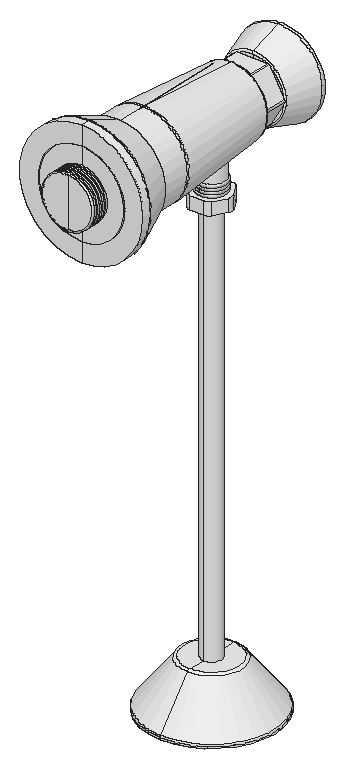
Revit family "947140001_Grif. Orinal Push Exp 3-4 Racor", category Plumbing Fixtures, host Wall, Revit 2020
Family settings
  Host = Wall
  Round Connector Dimension = Use Diameter
  Part Type = Normal
  OmniClass Number = 23.31.11.00
  OmniClass Title = Faucets
  Always vertical = Yes
  Cut with Voids When Loaded = No
  Shared = No
  Room Calculation Point = No
Parameters (values of type "Orinal Push Exp 3/4"")
  Vida útil = "150 Mil Ciclos"  # constant formula
  URL = "https://corona.co/productos/griferias/griferias-institucionales/griferia-orinal-push-tradicional/p/947140001"
  Type Comments = "-GriferÍa para orinal tipo push metálica.-Consumo de agua desde 0.5 L hasta 1.9 L. -Cierre automático temporizado entre 3 a 9 segundos."  # constant formula
  Referencia = "947140001"  # constant formula
  Recubrimientos = "-Resistente a la corrosión, pelado y decoloración por agua. -Producto para uso institucional."  # constant formula
  Rango presion de agua = "Entre 20 y 80 Psi"  # constant formula
  Presion minima = "20 Psi."  # constant formula
  Presion maxima = "80 Psi."  # constant formula
  Peso Neto aprox = "500g 1,10lb."  # constant formula
  Peso Bruto aprox = "560g 1,23lb."  # constant formula
  Normatividad = "NTC 1644"  # constant formula
  Model = "Orinal Push"  # constant formula
  Material = Corona_Cromado
  Manufacturer = "Corona"  # constant formula
  Fecha de creación = "12/04/2021"  # constant formula
  Diámetro = 65.10 mm  # constant formula
  Diametro de tuberia = "1/2 NPT."  # constant formula
  Diametro 2 = 63.00 mm  # constant formula
  Description = "Las válvulas para orinal Corona son el aliado perfecto para las necesidades de las instituciones\r\nde alto tráfico, están diseñadas para un óptimo funcionamiento y durabilidad debido a sus\r\ncaracterísticas antivandálicas."  # constant formula
  Default Elevation = 0.00 mm
  Cuidado Y Limpieza = "Los acabados superficiales son aquellos que le imprimen una apariencia especial y estética a su producto y además le brindan protección. Para prolongar sus cualidades es vital que la limpieza profunda del producto se haga únicamente con agua y jabón suave y que en el secado y el brillo se utilice un paño de algodón limpio, dicha limpieza se recomienda 2 veces a la semana, y en zonas costeras a diario por la salinidad del ambiente. Por ningún motivo deben usarse elementos abrasivos, ácidos o disolventes para la limpieza del producto. Los acabados pueden variar su comportamiento en zonas costeras y/o en ambientes corrosivos."  # constant formula
  Creado por = "BIMBAU"  # constant formula
  Capacidad de flujo máximo por norma = " 9,68 L/min - 0,49 L/Descarga."  # constant formula
  Capacidad de flujo = "6,5 - 9,68 L/min - 0,33 - 0,49 L/Descarga."  # constant formula
  Ancho = 129.00 mm  # constant formula
  Alto 2 = 272.30 mm  # constant formula
  Alto = 303.80 mm  # constant formula
Reference planes
  plane 1 "Wall": y = 0
  plane 2 "Center (Left/Right)": x = 125
  plane 3 "Back": y = 75
  plane 4: z = 1377.789
  plane 5: z = 1681.589
  plane 6: z = 1650.089
  plane 7: x = 92.45
  plane 8: x = 157.55
  plane 9: x = 93.5
  plane 10: x = 156.5
  plane 11: y = 204
Forms (mm)
  Revolve 1, solid, material "Corona_Cromado" <- "Material", detail levels medium+fine
    sketch origin (125, 0, 0) x (0, 1, 0) y (0, 0, 1)
      loop
        line (75, 1681.589) -> (75, 1672.039) -> (97.789, 1672.039) -> (97.789, 1674.539) -> (80.479, 1681.413)
        arc (80.479, 1681.413) -> (80.026, 1681.545) -> (79.556, 1681.589) r 2.5
        line (79.556, 1681.589) -> (75, 1681.589)
      axis (75, 1650.089) -> (97.789, 1650.089)
    angle from 0 to 360
  Revolve 2, solid, material "Corona_Cromado" <- "Material", detail levels medium+fine
    sketch origin (125, 0, 0) x (0, 1, 0) y (0, 0, 1)
      loop
        arc (115.36, 1672.62) -> (114.788, 1672.653) -> (114.216, 1672.664) r 15
        line (114.216, 1672.664) -> (97.789, 1672.664) -> (97.789, 1666.925) -> (171.394, 1666.925) -> (171.394, 1667.733)
        arc (171.394, 1667.733) -> (171.221, 1668.175) -> (170.794, 1668.381) r 0.65
        line (170.794, 1668.381) -> (115.36, 1672.62)
      axis (97.789, 1650.089) -> (171.394, 1650.089)
    angle from 0 to 360
  Revolve 3, solid, material "Corona_Cromado" <- "Material", detail levels medium+fine
    sketch origin (125, 0, 0) x (0, 1, 0) y (0, 0, 1)
      loop
        line (184.38, 1650.089) -> (204, 1650.089) -> (204, 1670.321)
        arc (204, 1670.321) -> (203.185, 1671.932) -> (201.405, 1672.23) r 2
        line (201.405, 1672.23) -> (184.942, 1667.1)
        arc (184.942, 1667.1) -> (184.536, 1666.81) -> (184.38, 1666.336) r 0.8
        line (184.38, 1666.336) -> (184.38, 1650.089)
      axis (204, 1650.089) -> (184.38, 1650.089)
    angle from 0 to 360
  Revolve 4, solid, material "Corona_Cromado" <- "Material", detail levels medium+fine
    sketch origin (125, 0, 0) x (0, 1, 0) y (0, 0, 1)
      loop
        line (75, 1650.089) -> (75, 1662.789)
        arc (75, 1662.789) -> (74.5, 1663.289) -> (74, 1662.789) r 0.5
        arc (74, 1662.789) -> (73.5, 1663.289) -> (73, 1662.789) r 0.5
        arc (73, 1662.789) -> (72.5, 1663.289) -> (72, 1662.789) r 0.5
        arc (72, 1662.789) -> (71.5, 1663.289) -> (71, 1662.789) r 0.5
        arc (71, 1662.789) -> (70.5, 1663.289) -> (70, 1662.789) r 0.5
        arc (70, 1662.789) -> (69.5, 1663.289) -> (69, 1662.789) r 0.5
        arc (69, 1662.789) -> (68.5, 1663.289) -> (68, 1662.789) r 0.5
        arc (68, 1662.789) -> (67.5, 1663.289) -> (67, 1662.789) r 0.5
        arc (67, 1662.789) -> (66.5, 1663.289) -> (66, 1662.789) r 0.5
        line (66, 1662.789) -> (66, 1650.089) -> (75, 1650.089)
      axis (66, 1650.089) -> (75, 1650.089)
    angle from 0 to 360
  Revolve 5, solid, material "Corona_Cromado" <- "Material", detail levels medium+fine
    sketch origin (125, 0, 0) x (0, 1, 0) y (0, 0, 1)
      loop
        line (151.708, 1636.561) -> (151.708, 1621.561)
        arc (151.708, 1621.561) -> (150.958, 1620.811) -> (151.708, 1620.061) r 0.75
        arc (151.708, 1620.061) -> (150.958, 1619.311) -> (151.708, 1618.561) r 0.75
        arc (151.708, 1618.561) -> (150.958, 1617.811) -> (151.708, 1617.061) r 0.75
        arc (151.708, 1617.061) -> (150.958, 1616.311) -> (151.708, 1615.561) r 0.75
        arc (151.708, 1615.561) -> (150.958, 1614.811) -> (151.708, 1614.061) r 0.75
        line (151.708, 1614.061) -> (158.271, 1614.061) -> (158.271, 1636.561) -> (151.708, 1636.561)
      axis (158.271, 1614.061) -> (158.271, 1636.561)
    angle from 0 to 360
  Extrusion 6, solid, material "Corona_Cromado" <- "Material", detail levels medium+fine
    sketch origin (0, 0, 0) x (1, 0, 0) y (0, 1, 0)
      loop
        arc (121.341, 167.608) -> (119.841, 167.206) -> (118.743, 166.108) r 3
        line (118.743, 166.108) -> (115.085, 159.771)
        arc (115.085, 159.771) -> (114.683, 158.271) -> (115.085, 156.771) r 3
        line (115.085, 156.771) -> (118.743, 150.434)
        arc (118.743, 150.434) -> (119.841, 149.336) -> (121.341, 148.934) r 3
        line (121.341, 148.934) -> (128.659, 148.934)
        arc (128.659, 148.934) -> (130.159, 149.336) -> (131.257, 150.434) r 3
        line (131.257, 150.434) -> (134.915, 156.771)
        arc (134.915, 156.771) -> (135.317, 158.271) -> (134.915, 159.771) r 3
        line (134.915, 159.771) -> (131.257, 166.108)
        arc (131.257, 166.108) -> (130.159, 167.206) -> (128.659, 167.608) r 3
        line (128.659, 167.608) -> (121.341, 167.608)
    from 1609.192 to 1615.561
  Revolve 7, solid, material "Corona_Cromado" <- "Material", detail levels medium+fine
    sketch origin (125, 0, 0) x (0, 1, 0) y (0, 0, 1)
      loop
        line (158.271, 1609.192) -> (153.271, 1609.192) -> (153.271, 1396.69) -> (158.271, 1396.69) -> (158.271, 1609.192)
      axis (158.271, 1396.69) -> (158.271, 1609.192)
    angle from 0 to 360
  Revolve 8, solid, material "Corona_Cromado" <- "Material", detail levels medium+fine
    sketch origin (125, 42.124, 0) x (0, 1, 0) y (0, 0, 1)
      loop
        line (116.146, 1377.789) -> (116.146, 1402.039) -> (102.233, 1402.039)
        arc (102.233, 1402.039) -> (101.349, 1401.834) -> (100.647, 1401.259) r 2
        line (100.647, 1401.259) -> (83.907, 1379.491)
        arc (83.907, 1379.491) -> (83.676, 1379.059) -> (83.596, 1378.576) r 1.5
        line (83.596, 1378.576) -> (83.596, 1377.789) -> (116.146, 1377.789)
      axis (116.146, 1402.039) -> (116.146, 1377.789)
    angle from 0 to 360
  Revolve 9, solid, material "Corona_Cromado" <- "Material", detail levels medium+fine
    sketch origin (125, 0, 0) x (0, 1, 0) y (0, 0, 1)
      loop
        line (170.418, 1666.974) -> (75, 1672.039) -> (75, 1650.089) -> (171.838, 1650.089) -> (171.838, 1665.476)
        arc (171.838, 1665.476) -> (171.427, 1666.508) -> (170.418, 1666.974) r 1.5
      axis (75, 1650.089) -> (171.838, 1650.089)
    angle from 0 to 360
  Extrusion 10, solid, material "Corona_Cromado" <- "Material", detail levels medium+fine
    sketch origin (0, 0, 0) x (1, 0, 0) y (0, 0, 1)
      loop
        line (108.673, 1649.589) -> (116.404, 1636.2)
        arc (116.404, 1636.2) -> (116.77, 1635.834) -> (117.27, 1635.7) r 1
        line (117.27, 1635.7) -> (132.73, 1635.7)
        arc (132.73, 1635.7) -> (133.23, 1635.834) -> (133.596, 1636.2) r 1
        line (133.596, 1636.2) -> (141.327, 1649.589)
        arc (141.327, 1649.589) -> (141.461, 1650.089) -> (141.327, 1650.589) r 1
        line (141.327, 1650.589) -> (133.596, 1663.979)
        arc (133.596, 1663.979) -> (133.23, 1664.345) -> (132.73, 1664.479) r 1
        line (132.73, 1664.479) -> (117.27, 1664.479)
        arc (117.27, 1664.479) -> (116.77, 1664.345) -> (116.404, 1663.979) r 1
        line (116.404, 1663.979) -> (108.673, 1650.589)
        arc (108.673, 1650.589) -> (108.539, 1650.089) -> (108.673, 1649.589) r 1
    from -185.442 to -171.838
  Extrusion 11, solid, material "Corona_Cromado" <- "Material", detail levels coarse
    sketch origin (0, 0, 0) x (1, 0, 0) y (0, 0, 1)
      loop
        line (157.55, 1681.589) -> (92.45, 1681.589) -> (92.45, 1377.789) -> (157.55, 1377.789) -> (157.55, 1681.589)
    from -204 to -66
  Extrusion 12, solid, not visible
    sketch origin (0, 0, 0) x (1, 0, 0) y (0, 0, 1)
      loop
        circle (125, 1650.089) r 5
    from -75 to -65.829
Cuts and joins
  joined: Revolve 2, Revolve 3, Revolve 5, Extrusion 6, Revolve 7, Revolve 8
Text (mm)
  text "Placement Side" at (-1848.837, 1116.779, 0), in view "Ref. Level"
  text "Placement side" at (0, 1409.804, 2854.306), in view "Left"
  text "Placement side" at (0, 499.811, 2980.732), in view "Right"
Dimensions and locks
  locked: plane 3 "Back" to host wall
  "Diámetro": plane 8 to plane 7
  "Diametro 2": plane 10 to plane 9
  "Alto": plane 5 to plane 4
  "Alto 2": plane 4 to plane 6
  "Ancho": host wall to plane 11
  aligned and locked: plane 1 "Wall" to host wall
Automatic sketch dimensions
  Revolve 1 sketch curve to host wall = 0.00 mm  (x2)
  Revolve 1 sketch curve to plane 5 = 0.00 mm
  Revolve 1 sketch curve to plane 6 = 0.00 mm
  host wall to Revolve 1 sketch curve = 4.556 mm
  Revolve 1 sketch curve to plane 5 = 0.176 mm
  Revolve 1 sketch curve to Revolve 1 sketch curve = 0.923 mm
  Revolve 1 sketch curve to Revolve 1 sketch curve = 7.051 mm
  Revolve 1 sketch curve to Revolve 1 sketch curve = 2.50 mm
  host wall to Revolve 1 sketch curve = 10.00 mm
  Revolve 3 sketch curve to plane 6 = 0.00 mm  (x2)
  Revolve 3 sketch curve to plane 11 = 0.00 mm
  Revolve 3 sketch curve to Revolve 3 sketch curve = 2.00 mm
  Revolve 3 sketch curve to Revolve 3 sketch curve = 0.595 mm
  Revolve 3 sketch curve to Revolve 3 sketch curve = 16.225 mm
  Revolve 3 sketch curve to Revolve 3 sketch curve = 0.238 mm
  Revolve 3 sketch curve to Revolve 3 sketch curve = 0.80 mm
  Revolve 3 sketch curve to plane 5 = 15.253 mm
  Revolve 3 sketch curve to plane 5 = 11.269 mm
  Revolve 3 sketch curve to Revolve 3 sketch curve = 0.00 mm
  Revolve 3 sketch curve to Revolve 3 sketch curve = 1.979 mm
  Revolve 4 sketch curve to host wall = 0.00 mm  (x2)
  Revolve 4 sketch curve to plane 6 = 0.00 mm  (x2)
  Revolve 4 sketch curve to Revolve 4 sketch curve = 0.50 mm  (x4)
  Revolve 4 sketch curve to Revolve 4 sketch curve = 1.00 mm  (x6)
  plane 6 to Revolve 4 sketch curve = 12.70 mm
  Revolve 4 sketch curve to Revolve 4 sketch curve = 0.00 mm  (x11)
  host wall to Revolve 4 sketch curve = 1.761 mm
  Revolve 5 sketch curve to plane 6 = 13.529 mm
  Revolve 5 sketch curve to Revolve 5 sketch curve = 0.00 mm  (x7)
  Revolve 5 sketch curve to Revolve 5 sketch curve = 6.562 mm
  Revolve 5 sketch curve to Revolve 5 sketch curve = 15.00 mm
  Revolve 5 sketch curve to Revolve 5 sketch curve = 0.75 mm  (x3)
  Revolve 5 sketch curve to Revolve 5 sketch curve = 1.50 mm  (x3)
  Revolve 5 sketch curve to Revolve 5 sketch curve = 3.074 mm
  Extrusion 6 sketch curve to plane 2 "Center (Left/Right)" = 9.915 mm
  Extrusion 6 sketch curve to Extrusion 6 sketch curve = 0.00 mm  (x3)
  Extrusion 6 sketch curve to Extrusion 6 sketch curve = 2.598 mm  (x6)
  Extrusion 6 sketch curve to plane 2 "Center (Left/Right)" = 6.257 mm  (x2)
  plane 2 "Center (Left/Right)" to Extrusion 6 sketch curve = 3.659 mm  (x2)
  Extrusion 6 sketch curve to Extrusion 6 sketch curve = 3.659 mm
  Extrusion 6 sketch curve to Extrusion 6 sketch curve = 1.50 mm  (x5)
  Extrusion 6 sketch curve to Extrusion 6 sketch curve = 6.337 mm  (x3)
  Revolve 7 sketch curve to Revolve 7 sketch curve = 5.00 mm
  plane 4 to Revolve 7 sketch curve = 18.90 mm
  Revolve 7 sketch curve to plane 6 = 40.897 mm
  Revolve 7 sketch curve to Revolve 7 sketch curve = 0.00 mm  (x2)
  Revolve 7 sketch curve to Revolve 7 sketch curve = 2.853 mm
  Revolve 1 sketch curve to Revolve 1 sketch curve = 17.31 mm
  Revolve 5 sketch curve to plane 11 = 52.292 mm
  Extrusion 6 sketch curve to plane 11 = 55.066 mm
  Revolve 7 sketch curve to plane 11 = 50.729 mm
  Extrusion 10 sketch curve to plane 6 = 0.00 mm  (x2)
  Extrusion 10 sketch curve to plane 6 = 0.50 mm  (x2)
  Extrusion 10 sketch curve to plane 9 = 15.173 mm
  plane 6 to Extrusion 10 sketch curve = 0.50 mm  (x2)
  Extrusion 10 sketch curve to Extrusion 10 sketch curve = 0.866 mm  (x6)
  Extrusion 10 sketch curve to plane 2 "Center (Left/Right)" = 8.596 mm  (x2)
  plane 2 "Center (Left/Right)" to Extrusion 10 sketch curve = 7.73 mm  (x2)
  Extrusion 10 sketch curve to Extrusion 10 sketch curve = 7.73 mm
  Extrusion 10 sketch curve to plane 6 = 13.389 mm  (x2)
  Extrusion 10 sketch curve to Extrusion 10 sketch curve = 0.50 mm  (x2)
  plane 6 to Extrusion 10 sketch curve = 13.389 mm
  Extrusion 10 sketch curve to Extrusion 10 sketch curve = 13.389 mm
  Revolve 8 sketch curve to plane 4 = 0.00 mm
  host wall to Revolve 8 sketch curve = 50.721 mm
  plane 4 to Revolve 8 sketch curve = 1.701 mm
  Revolve 8 sketch curve to Revolve 8 sketch curve = 0.311 mm
  plane 4 to Revolve 8 sketch curve = 0.787 mm
  plane 4 to Revolve 8 sketch curve = 23.469 mm
  Revolve 8 sketch curve to Revolve 8 sketch curve = 16.74 mm
  Revolve 8 sketch curve to Revolve 8 sketch curve = 1.585 mm
  Revolve 8 sketch curve to Revolve 8 sketch curve = 13.913 mm
  Revolve 8 sketch curve to Revolve 8 sketch curve = 1.219 mm
  Revolve 8 sketch curve to Revolve 8 sketch curve = 0.00 mm  (x2)
  Revolve 8 sketch curve to Revolve 8 sketch curve = 5.00 mm
  Extrusion 11 sketch curve to plane 5 = 0.00 mm
  Extrusion 11 sketch curve to plane 7 = 0.00 mm
  Extrusion 11 sketch curve to plane 4 = 0.00 mm
  Extrusion 11 sketch curve to plane 8 = 0.00 mm
  Revolve 9 sketch curve to host wall = 0.00 mm
  Revolve 9 sketch curve to plane 6 = 0.00 mm  (x2)
  Revolve 9 sketch curve to plane 5 = 16.113 mm
  Revolve 9 sketch curve to plane 11 = 33.662 mm
  Revolve 9 sketch curve to plane 5 = 14.615 mm
  Revolve 9 sketch curve to Revolve 9 sketch curve = 0.08 mm
  Revolve 9 sketch curve to plane 5 = 9.551 mm
  Revolve 9 sketch curve to Revolve 9 sketch curve = 0.00 mm
  Revolve 9 sketch curve to Revolve 9 sketch curve = 1.397 mm
  Revolve 2 sketch curve to plane 6 = 0.00 mm
  Revolve 2 sketch curve to plane 5 = 8.926 mm
  host wall to Revolve 2 sketch curve = 22.789 mm
  Revolve 2 sketch curve to Revolve 2 sketch curve = 16.427 mm
  Revolve 2 sketch curve to plane 5 = 8.969 mm
  Revolve 2 sketch curve to Revolve 2 sketch curve = 1.144 mm
  Revolve 2 sketch curve to plane 5 = 13.856 mm
  Revolve 2 sketch curve to plane 11 = 33.256 mm
  Revolve 2 sketch curve to plane 5 = 13.208 mm
  Revolve 2 sketch curve to Revolve 2 sketch curve = 0.05 mm
  Revolve 2 sketch curve to Revolve 2 sketch curve = 5.739 mm
  Revolve 2 sketch curve to Revolve 2 sketch curve = 10.724 mm
  Revolve 2 sketch curve to Revolve 2 sketch curve = 4.276 mm
  Extrusion 12 sketch curve to plane 2 "Center (Left/Right)" = 0.00 mm
  Extrusion 12 sketch curve to plane 6 = 0.00 mm
  radius of Extrusion 12 sketch curve = 5.00 mm
Connectors
  piping at (125, 65.829, 1650.089), diameter 19.05
    settings: on Extrusion 12, index 1, connector inside diameter 609.6 mm, connector length 0.00 mm, flow factor 0, pipe flow 0.0 L/s, pressure drop 0.0 Pa, fitting loss kfactor 0, connector angle 0.00°, fixture units 0, engagement length 0.00 mm, angle of deflection 0.00°, flow configuration 0, flow direction 0, fitting loss method 0, system type 20, joint type 0, gender type 0, connector reference index -1, connector utility 0, adjustable connector no, is connector primary yes, connector description ""
